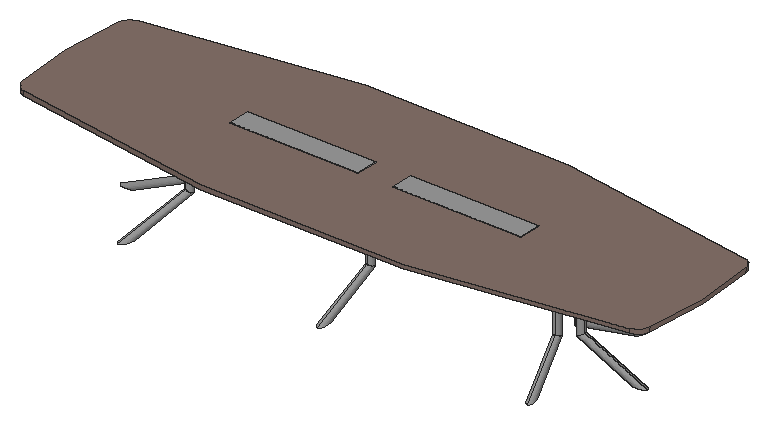
Revit family "Haworth_Encourage_Table", category Furniture, Revit 2018 (continued)
Definition of nested family "Haworth_Encourage-Table-Trough_Part"
  Parameters
    Actual Height = 29"
    Actual Depth = 6 35/128"
  Reference planes (in)
    plane 1 "Center F/B": y = 0.05249
    plane 2: z = 0
    plane 3 "Center L/R": x = 0.57037
    plane 4 "Back": y = 3.1892
    plane 5 "Right": x = 9.57037
    plane 6 "Front": y = -3.08423
    plane 7 "Left": x = -8.42963
    plane 8 "Table Height": z = 29
  Forms (in)
    Extrusion 1, solid, material <- "Trough Finish"
      sketch origin (0, 0, 29) x (-1, 0, 0) y (0, -1, 0)
        loop
          line (8.42963, -3.1892) -> (8.42963, 3.08423) -> (-9.57037, 3.08423) -> (-9.57037, -3.1892) -> (8.42963, -3.1892)
      from 0 to 0.125
    Extrusion 2, solid, material <- "Trough Finish"
      sketch origin (0, 0, 29) x (-1, 0, 0) y (0, -1, 0)
        loop
          line (8.30463, -3.0017) -> (8.30463, 2.89673) -> (-9.44537, 2.89673) -> (-9.44537, -3.0017) -> (8.30463, -3.0017)
      from 0 to -2.75
  Cuts and joins
    joined: Extrusion 1, Extrusion 2
  Lines and regions (in)
    symbolic lines
      curve 1: line (-8.42963, 3.1892, 29) -> (9.57037, 3.1892, 29)
      curve 2: line (-8.42963, -3.08423, 29) -> (-8.42963, 3.1892, 29)
      curve 3: line (9.57037, -3.08423, 29) -> (-8.42963, -3.08423, 29)
      curve 4: line (9.57037, 3.1892, 29) -> (9.57037, -3.08423, 29)
  Dimensions and locks (in)
    equal spacing: plane 7 "Left", plane 3 "Center L/R", plane 5 "Right"
    "Actual Width": plane 7 "Left" to plane 5 "Right"
    equal spacing: plane 6 "Front", plane 1 "Center F/B", plane 4 "Back"
    "Actual Depth": plane 4 "Back" to plane 6 "Front"
    plane 7 "Left" to Extrusion 2 sketch curve = 1/8"
    plane 4 "Back" to Extrusion 2 sketch curve = 3/16"
    Extrusion 2 sketch curve to plane 5 "Right" = 1/8"
    Extrusion 2 sketch curve to plane 6 "Front" = 3/16"
    "Actual Height": plane 8 "Table Height" to level
    aligned and locked: plane 7 "Left" to Extrusion 1 sketch curve
    aligned and locked: Extrusion 1 sketch curve to plane 4 "Back"
    aligned and locked: Extrusion 1 sketch curve to plane 6 "Front"
    aligned and locked: Extrusion 1 sketch curve to plane 5 "Right"
  Automatic sketch dimensions
    curve 4 to plane 5 "Right" = 0"
    curve 2 to plane 4 "Back" = 0"
    curve 2 to plane 7 "Left" = 0"
    curve 4 to plane 6 "Front" = 0"
Types (8): name | Trough Width | Power Trough Single | Power Trough Double | Modesty Indent | Double Trough Spacing | Support Spacing From Edge | Center Legs | Actual Width | Actual Depth | 48d 96w | 60d 180w | 60d 168w | 57d 156w | 54d 144w | 54d 132w | 51d 120w | 48d 108w
  TNBO - 48d 96w - With Power | 18" | yes | no | 29 3/4" | 17" | 26 1/2" | no | 96" | 48" | yes | no | no | no | no | no | no | no
  TNBO - 48d 108w - With Power | 24" | yes | no | 29 217/256" | 17" | 26 153/256" | no | 108" | 48" | no | no | no | no | no | no | no | yes
  TNBO - 51d 120w - With Power | 30" | yes | no | 36 1/4" | 17" | 33" | no | 120" | 51" | no | no | no | no | no | no | yes | no
  TNBO - 54d 132w - With Power | 36" | yes | no | 37 1/4" | 17" | 34" | no | 132" | 54" | no | no | no | no | no | yes | no | no
  TNBO - 54d 144w - With Power | 42" | yes | no | 37 3/4" | 17" | 34 1/2" | no | 144" | 54" | no | no | no | no | yes | no | no | no
  TNBO - 57d 156w - With Power | 24" | no | yes | 39 1/4" | 17" | 36" | yes | 156" | 57" | no | no | no | yes | no | no | no | no
  TNBO - 60d 168w - With Power | 30" | no | yes | 39 1/4" | 20" | 36" | yes | 168" | 60" | no | no | yes | no | no | no | no | no
  TNBO - 60d 180w - With Power | 36" | no | yes | 39 1/4" | 23" | 36" | yes | 180" | 60" | no | yes | no | no | no | no | no | no
